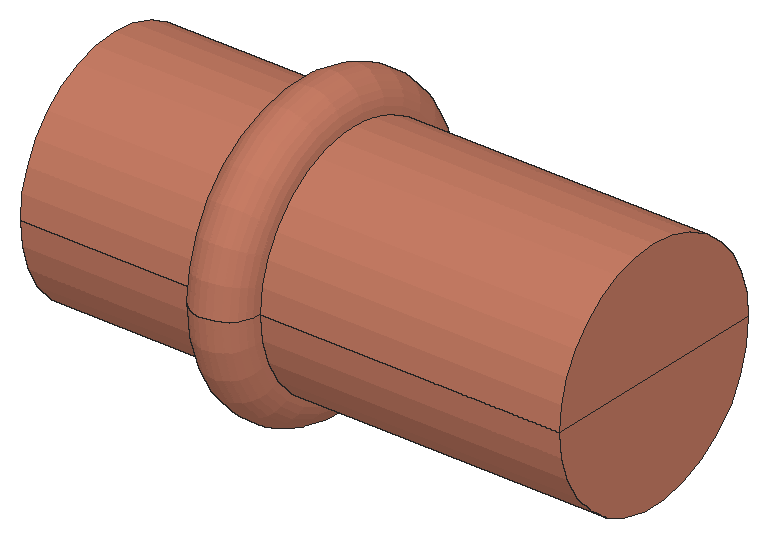
Revit family "Pipefitting_IBP_Conex_MaxiPro_StopEnd_MP5301", category Pipe Fittings, Revit 2019
Family settings
  Round Connector Dimension = Use Diameter
  Part Type = Cap
  OmniClass Number = 23.65.00.00
  OmniClass Title = Supply and Distribution of Liquids and Gases
  Work Plane-Based = No
  Always vertical = No
  Cut with Voids When Loaded = No
  Shared = No
Parameters (values of type "MP5301 0020000 1/4"")
  _DistributedBy = "www.bimmepaus.com.au/"
  _CurrentRevision = 1  # constant formula
  _CreatedBy = "technical@ibpgroup.com"
  _BimstoreBibleVersion = "14"  # constant formula
  _BimSpecGuid = 0  # constant formula
  _AuthorisedBy = ""
  _Author = "Luke Brown"  # constant formula
  Weight = 0.00 kg
  WarrantyStartDate [instance] = "Please Record On Commissioning."
  WarrantyGuarantorParts = "technical@ibpgroup.com"  # constant formula
  WarrantyGuarantorLabor = "technical@ibpgroup.com"  # constant formula
  WarrantyDurationMonths = 60  # constant formula
  WarrantyDescription = "Product Guarantee"  # constant formula
  URL = "http://www.conexbanninger.com/"
  Type Comments = ""
  TubeStop_Depth = 18 mm
  SurfaceFinish = "Natural"  # constant formula
  SpareParts = "n/a"
  Size = Type Comments  # ""
  Shape = "Cylindrical"  # constant formula
  SerialNumber [instance] = "Please Record On Commissioning."
  SealType = "HNBR"
  ReplacementCost = "n/a"
  RefrigerantType = ""
  RefrigerantSafetyClass = ""
  RefrigerantCircuitNumber = ""
  ReferencedStandard = "n/a"
  ProductionYear = "2016"  # constant formula
  ProductCode = Model  # "MP5301 0020000"
  PressJawCompatability = "MaxiPro Jaws supplied by Rothenberger"  # constant formula
  PipeConnectorType = "Press x Press"
  OperatingMaintenanceManual = ""
  ORingTemperatureRange = "-40°C to 140°C"  # constant formula
  NominalLength = 0 mm  # constant formula
  NominalHeight = 0 mm  # constant formula
  NominalDepth = 0 mm  # constant formula
  NBSReference = "90-10-65/315"  # constant formula
  NBSOfficeMasterTag = "n/a"  # constant formula
  NBSObjectName = "IBP - Copper pipeline fittings"  # constant formula
  NBSNote = "n/a"  # constant formula
  NBSDescription = "Copper pipeline fittings"  # constant formula
  ModelReference = Type Comments  # ""
  ModelNumber = Model  # "MP5301 0020000"
  Model = "MP5301 0020000"
  MaxHydrostaticPressure = 48 bar
  MaterialType = "Refrigerant Grade Copper, C12200"  # constant formula
  Material = Copper, C12200
  ManufacturerName = "IBP"  # constant formula
  Manufacturer = "Conex Banninger"  # constant formula
  Keynote = "S"  # constant formula
  InstallationDate [instance] = "Please Record On Commissioning."
  IfcExportType = "IfcPipeFittingType"  # constant formula
  IfcExportAs = "IfcPipeFitting"  # constant formula
  Grade = "n/a"
  FluidTemperatureMin = 273.15 °C - 40 °C + -273.15 °C  # -40 °C
  FluidTemperatureMax = 121 °C  # constant formula
  FittingType = Description  # "Stop End"
  Features = "n/a"
  ExpectedServiceLifeYears = 25  # constant formula
  DocumentationTechnical = ""
  DocumentationLiterature = ""
  DocumentationInstallationGuide = ""
  DocumentationCertificates = ""
  Description = "Stop End"  # constant formula
  CreatedOn = " "
  CreatedBy = "technical@ibpgroup.com"  # constant formula
  Contact = "technical@ibpgroup.com"  # constant formula
  Constituents = "n/a"
  Colour = "n/a"  # constant formula
  CodePerformance = "n/a"
  ClassificationValue = "Pr_65_52_63_18"  # constant formula
  ClassificationName = "Uniclass2015"  # constant formula
  Body_OD = 8.5 mm
  Body_Length = 19.5 mm
  BodyID_Formula = 6.4 mm
  Bead_Depth = 7.5 mm
  Bead_DIA = 2.3 mm
  Barcode [instance] = "Please Record On Commissioning."
  BIMObjectName = "PipeFitting_IBP_Conex_MaxiPro_StopEnd_MP5301"  # constant formula
  AssetType = "Fixed"  # constant formula
  AssetIdentifier [instance] = "Please Record On Commissioning."
  Assembly Code = "D20"
  Application = "Air conditioning & refrigeration"  # constant formula
  AccessibilityPerformance = "n/a"
Types (8, lengths in mm): name | ProductCode | ModelNumber | Model | Body_OD | Body_Length | BodyID_Formula | Bead_Depth | Bead_DIA
  MP5301 0020000 1/4" | "MP5301 0020000" | "MP5301 0020000" | "MP5301 0020000" | 8.5 | 19.5 | 6.4 | 7.5 | 2.3
  MP5301 0030000 3/8" | "MP5301 0030000" | "MP5301 0030000" | "MP5301 0030000" | 11.5 | 19.5 | 9.6 | 7.5 | 2.3
  MP5301 0040000 1/2" | "MP5301 0040000" | "MP5301 0040000" | "MP5301 0040000" | 15.4 | 19.5 | 12.8 | 7.5 | 2.3
  MP5301 0050000 5/8" | "MP5301 0050000" | "MP5301 0050000" | "MP5301 0050000" | 19 | 22.5 | 16 | 8.5 | 2.6
  MP5301 0060000 3/4" | "MP5301 0060000" | "MP5301 0060000" | "MP5301 0060000" | 22 | 23.5 | 19.2 | 9 | 3
  MP5301 0070000 7/8" | "MP5301 0070000" | "MP5301 0070000" | "MP5301 0070000" | 25.5 | 26 | 22.4 | 9 | 3
  MP5301 0080000 1" | "MP5301 0080000" | "MP5301 0080000" | "MP5301 0080000" | 29 | 26 | 25.6 | 10 | 3.2
  MP5301 0090000 1 1/8" | "MP5301 0090000" | "MP5301 0090000" | "MP5301 0090000" | 32.1 | 27.5 | 28.6 | 10 | 3.2
Reference planes
  plane 1 "Center (Front/Back)": y = 0
  plane 2: z = 0
  plane 3 "Center (Left/Right)": x = 0
  plane 4: y = 4.25
  plane 5: y = -4.25
  plane 6: x = 7.5
  plane 7: x = 19.5
  plane 8 "Tube_Stop": x = 18
  plane 9: y = 3.2
  plane 10: y = -3.2
Forms (mm)
  Revolve 1, solid, material "Copper, C12200" <- "Material", detail levels fine
    sketch origin (0, 0, 0) x (1, 0, 0) y (0, 1, 0)
      loop
        line (6.35, 4.25) -> (0, 4.25) -> (0, 3.2) -> (7.5, 3.2) -> (7.5, 0) -> (19.5, 0) -> (19.5, 4.25) -> (8.65, 4.25)
        arc (8.65, 4.25) -> (7.5, 5.4) -> (6.35, 4.25) r 1.15
      axis (19.5, 0) -> (0, 0)
    angle from 0 to 360
Dimensions and locks
  equal spacing: plane 9, plane 1 "Center (Front/Back)", plane 10
  "BodyID_Formula": plane 10 to plane 9
  equal spacing: plane 5, plane 1 "Center (Front/Back)", plane 4
  "Body_OD": plane 5 to plane 4
  "TubeStop_Depth": plane 3 "Center (Left/Right)" to plane 8 "Tube_Stop"
  "Body_Length": plane 3 "Center (Left/Right)" to plane 7
  "Bead_Depth": plane 3 "Center (Left/Right)" to plane 6
  "Bead_DIA": diameter of Revolve 1 sketch curve
  aligned and locked: level to plane 2
  aligned and locked: plane 7 to nested 1
Automatic sketch dimensions
  plane 1 "Center (Front/Back)" to Revolve 1 sketch curve = 0 mm  (x2)
  Revolve 1 sketch curve to plane 3 "Center (Left/Right)" = 0 mm  (x2)
  Revolve 1 sketch curve to plane 4 = 0 mm
  Revolve 1 sketch curve to plane 6 = 0 mm  (x2)
  Revolve 1 sketch curve to plane 7 = 0 mm
  Revolve 1 sketch curve to plane 9 = 0 mm
  Revolve 1 sketch curve to plane 3 "Center (Left/Right)" = 4.067 mm
Nested families
  nested 1: "Cap End" at (0, 0, 0), type "Cap End", detail levels coarse+medium
Connectors
  piping at (18, 0, 0), diameter 6.4, driven by "BodyID_Formula"
    settings: index 1, connector inside diameter 609.6 mm, connector length 0 mm, flow factor 0, pipe flow 0.0 L/s, pressure drop 0 bar, fitting loss kfactor 0, connector angle 0.00°, fixture units 0, engagement length 0 mm, angle of deflection 0.00°, flow configuration 0, flow direction 0, fitting loss method 0, system type 7, joint type 0, gender type 0, connector reference index -1, connector utility 0, adjustable connector no, is connector primary yes, connector description ""
Definition of nested family "Cap End"
  Parameters (values of type "Cap End")
    Weight = "0"
    Website = "http://www.conexbanninger.com/"
    Short Code = "1265"
    Primary Material = none
    Pressure Rating = 0 bar
    Order Code (JDE) = "126513RRT250404"
    Minimum Temperature = 0 °C
    Maximum Temperature = 0 °C
    Manufacturer = "Conex Banninger"
    Lhalf = L / 2  # 12.5 mm
    L = 25 mm
    ID = 15 mm
    End Connection = "Female Taper Threads to EN 10226-2 (ISO 7-1)"
    Description = "Quarter Turn Ball Valve - Tee Handle"
    Data Sheet = "http://www.conexbanninger.com/uploads/c5b2bd02960dfd2cbff1a8a91fd8519d6904427e.pdf"
    Contact = "technical@ibpgroup.com"
    Author = "Luke Brown"
    Approvals = ""
  Reference planes
    plane 1 "Center (Front/Back)": y = 0
    plane 2: z = 0
    plane 3 "Center (Left/Right)": x = 0
    plane 4: x = 25
    plane 5: y = 7.5
    plane 6: y = -7.5
    plane 7: x = 12.5
  Lines and regions (mm)
    model lines
      curve 1: line (0, 0, 0) -> (25, 0, 0)
      curve 2: line (25, -7.5, 0) -> (25, 7.5, 0)
      curve 3: line (25, 7.5, 0) -> (12.5, 7.5, 0)
      curve 4: line (25, -7.5, 0) -> (12.5, -7.5, 0)
  Dimensions and locks
    equal spacing: plane 6, plane 1 "Center (Front/Back)", plane 5
    "ID": plane 6 to plane 5
    "L": plane 3 "Center (Left/Right)" to plane 4
    "Lhalf": plane 3 "Center (Left/Right)" to plane 7
    aligned and locked: level to plane 2
  Automatic sketch dimensions
    plane 1 "Center (Front/Back)" to curve 1 = 0 mm
    curve 1 to plane 3 "Center (Left/Right)" = 0 mm
    plane 5 to curve 3 = 0 mm
    curve 3 to plane 7 = 0 mm
    curve 4 to plane 7 = 0 mm
    curve 3 to plane 4 = 0 mm
    plane 6 to curve 2 = 0 mm
